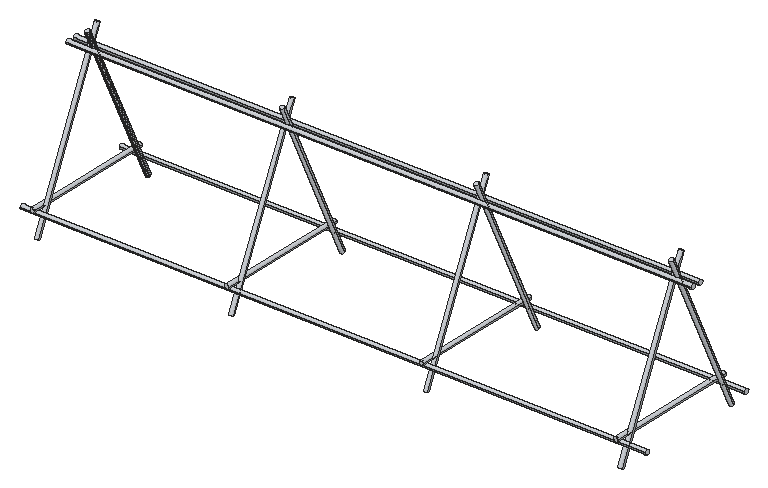
Revit family "IFC_Каркас поддерживающий", category Несущая арматура, Revit 2021
Family settings
  На основе рабочей плоскости = Да
  Всегда вертикально = Нет
  При загрузке вырезать с полостями = Нет
  Общий = Да
Parameters
  Продольный стержень_Низ_Отступ = 50 mm
  Продольный стержень_Материал = none
  Продольный стержень_Диаметр = 10 mm
  Продольный стержень_Удлинение = 50 mm
  Продольный стержень_Код металлопроката = 500
  Количество верхних стержней = 2
  Продольный стержень_Верх1_Смещение = (Наклонный стержень_Диаметр + Продольный стержень_Диаметр) / 2 / sin(Наклонный стержень_Угол) - Продольный стержень_Диаметр / 2  # 18.662 mm
  Продольный стержень_Смещение = (Наклонный стержень_Диаметр + Продольный стержень_Диаметр) / 2  # 10 mm
  Срединный продольный стержень = no
  Поперечный стержень_Удлинение = 0 mm
  Поперечный стержень_Смещение = (Продольный стержень_Диаметр + Поперечный стержень_Диаметр) / 2  # 10 mm
  Поперечный стержень_Материал = none
  Поперечный стержень_Код металлопроката = 500
  Поперечный стержень_Длина = (Наклонный стержень_Пересечение * tan(Наклонный стержень_Угол) + Поперечный стержень_Удлинение) * 2  # 321.752 mm
  Поперечный стержень_Диаметр = 10 mm
  Default Elevation = 1219.2 mm
  Наклонный стержень_Количество [instance] = Массив_Количество * ADSK_Количество  # 4
  Комментарии к типоразмеру = "Каркас"  # constant formula
  Каркас_Длина = 1500 mm
  Каркас_Высота фиксации = 350 mm
  Изображение типоразмера = <Нет>
  Продолный стержень_Верх2 = if(Количество верхних стержней > 1, 1 = 1, 1 = 0)  # yes
  Продолный стержень_Верх1 = if(Количество верхних стержней < 2, 1 = 1, 1 = 0)  # no
  Наклонный стержень_Угол = 25.00°
  Наклонный стержень_Смещение = Наклонный стержень_Диаметр / 2 * tan(Наклонный стержень_Угол)  # 2.332 mm
  Наклонный стержень_Материал = none
  Наклонный стержень_Код металлопроката = 500
  Наклонный стержень_Диаметр = 10 mm
  Наклонный стержень_Пересечение = if(Продолный стержень_Верх2, Каркас_Высота фиксации - Продольный стержень_Диаметр / 2, Каркас_Высота фиксации + Продольный стержень_Верх1_Смещение)  # 345 mm
  Каркас_Шаг стержней = 500 mm
  Наклонный стержень_Длина = Наклонный стержень_Пересечение / cos(Наклонный стержень_Угол) - Наклонный стержень_Смещение + Наклонный стержень_Удлинение  # 428.334 mm
  Наклонный стержень_Удлинение = 50 mm
  ADSK_Размер в погонных метрах = 1 = 2  # no
  ADSK_Пространственный каркас [instance] = no
  ADSK_Примечание = ""
  ADSK_Обозначение = ""
  ADSK_Наименование_Текст1 = "Каркас"  # constant formula
  ADSK_Наименование = ""
  ADSK_Метка основы [instance] = ""
  ADSK_Марка конструкции [instance] = ""
  ADSK_Марка изделия [instance] = ""
  ADSK_Количество основы [instance] = 1
  ADSK_Количество [instance] = 1  # constant formula
  ADSK_Категория основы [instance] = ""
  ADSK_Каркас = 1 = 1  # yes
  ADSK_Закладная деталь = 1 = 2  # no
  ADSK_Главная деталь конструкции [instance] = no
  ADSK_Главная деталь изделия = 1 = 2  # no
  ADSK_Версия семейства = "24.0221"  # constant formula
  ADSK_Версия Revit = "2021"  # constant formula
  ADSK_Арматура семейством = 1 = 1  # yes
  Массив_Количество = (Каркас_Длина - 2 * Продольный стержень_Удлинение) / Каркас_Шаг стержней + 1  # 4
  --- Продольный стержень --- = "--- Продольный стержень ---"  # constant formula
  --- Поперечный стержень --- = "--- Поперечный стержень ---"  # constant formula
  --- Наклонный стержень --- = "--- Наклонный стержень ---"  # constant formula
Reference planes
  plane 1: y = 0
  plane 2: z = 0
  plane 3 "Вертикальная": x = 0
  plane 4 "2": x = -700
  plane 5 "3": x = -750
  plane 6 "4": x = 700
  plane 7 "5": x = 750
  plane 8: z = 50
  plane 9: z = 326.338
  plane 10: z = 345
  plane 11 "9": x = -705
  plane 12 "10": x = -695
  plane 13 "11": x = -715
  plane 14: y = -160.876
  plane 15: z = 60
  plane 16: y = 160.876
  plane 17 "12": x = 695
  plane 18 "13": x = 685
  plane 19 "14": x = 705
Lines and regions (mm)
  reference lines
    curve 1: line (0, 0, 345) -> (0, 160.876, 0)
    curve 2: line (0, 148.595, 50) -> (0, 11.034, 345)
    curve 3: line (0, 0, 345) -> (0, -160.876, 0)
    curve 4: line (0, -11.034, 345) -> (0, -148.595, 50)
    curve 5: line (0, 79.814, 197.5) -> (0, -79.814, 197.5)
Dimensions and locks
  equal spacing: plane 5 "3", plane 3 "Вертикальная", plane 7 "5"
  "Каркас_Длина": plane 5 "3" to plane 7 "5"
  "Продольный стержень_Удлинение": plane 5 "3" to plane 4 "2"
  "Продольный стержень_Удлинение": plane 6 "4" to plane 7 "5"
  "Продольный стержень_Низ_Отступ": plane 8 to plane 2
  "Наклонный стержень_Пересечение": plane 10 to plane 2
  "Продольный стержень_Смещение": curve 2 to curve 1
  "Продольный стержень_Смещение": curve 3 to curve 4
  equal spacing: plane 10, curve 5, plane 8
  "Продольный стержень_Верх1_Смещение": plane 10 to plane 9
  equal spacing: plane 11 "9", plane 4 "2", plane 12 "10"
  "Наклонный стержень_Диаметр": plane 11 "9" to plane 12 "10"
  "Поперечный стержень_Смещение": plane 13 "11" to plane 11 "9"
  "Поперечный стержень_Смещение": plane 15 to plane 8
  equal spacing: plane 16, plane 1, plane 14
  "Поперечный стержень_Длина": plane 16 to plane 14
  equal spacing: group 1, group 5, group 6, group 2  (x3)
  equal spacing: group 3, group 7, group 8, group 4  (x3)
  equal spacing: plane 17 "12", plane 6 "4", plane 19 "14"
  "Наклонный стержень_Диаметр": plane 17 "12" to plane 19 "14"
  "Поперечный стержень_Смещение": plane 18 "13" to plane 17 "12"
  "Наклонный стержень_Угол": angle curve 1 to plane 1
  "Наклонный стержень_Угол": angle plane 1 to curve 3
  aligned and locked: nested 2 to plane 9
  aligned and locked: plane 1 to nested 2
  aligned and locked: plane 1 to curve 1
  aligned and locked: nested 4 to curve 1
  aligned and locked: plane 2 to curve 1
  aligned and locked: nested 5 to curve 2
  aligned and locked: plane 10 to curve 2
  aligned and locked: nested 1 to curve 2
  aligned and locked: curve 3 to plane 3 "Вертикальная"
  aligned and locked: plane 10 to curve 3
  aligned and locked: plane 2 to curve 3
  aligned and locked: plane 8 to curve 4
  aligned and locked: plane 10 to curve 4
  aligned and locked: nested 3 to curve 4
  aligned and locked: plane 8 to nested 6
  aligned and locked: nested 6 to curve 4
  aligned and locked: curve 3 to nested 7
  aligned and locked: nested 8 to curve 5  (x2)
  aligned and locked: nested 9 to curve 5  (x2)
  aligned and locked: plane 10 to nested 1
  aligned and locked: plane 10 to nested 3
  aligned and locked: plane 11 "9" to nested 7
  aligned and locked: nested 4 to plane 12 "10"
  aligned and locked: plane 13 "11" to nested 10
  aligned and locked: plane 1 to nested 11
  aligned and locked: plane 4 "2" to nested 11
  aligned and locked: nested 12 to plane 6 "4"
  aligned and locked: nested 13 to plane 18 "13"
  aligned and locked: plane 8 to nested 5
  aligned and locked: plane 14 to nested 10
  aligned and locked: plane 14 to nested 13
  aligned and locked: plane 15 to nested 10
  aligned and locked: plane 15 to nested 13
Automatic sketch dimensions
  curve 2 to plane 8 = 0 mm
Nested families
  nested 1: "IFC_01" at (-750, 73.234, 361.832) x (0, -1, 0) z (1, 0, 0), ADSK_Диаметр арматуры <- "Продольный стержень_Диаметр", ADSK_Марка изделия <- "ADSK_Марка изделия", ADSK_Метка основы <- "ADSK_Метка основы", ADSK_Категория основы <- "ADSK_Категория основы", ADSK_Количество основы <- "ADSK_Количество основы", ADSK_Код металлопроката <- "Продольный стержень_Код металлопроката", ADSK_Марка конструкции <- "ADSK_Марка конструкции", ADSK_Материал <- "Продольный стержень_Материал", visible <- "Продолный стержень_Верх2", ADSK_Количество <- "ADSK_Количество", ADSK_A <- "Каркас_Длина", ADSK_Пространственный каркас <- "ADSK_Пространственный каркас", ADSK_Примечание <- "ADSK_Примечание", type "к_IFC_01"
    with ADSK_Форма отгибами no, ADSK_Форма арматуры 1, ADSK_Пространственный каркас no, ADSK_Примечание "", ADSK_Обозначение "СТБ 1704-2012", ADSK_Наименование "10 S500", ADSK_Метка основы "", ADSK_Материал none, ADSK_Масса на единицу длины 0.617 kg/m, ADSK_Марка конструкции "", ADSK_Марка изделия "", ADSK_Количество основы 1, ADSK_Количество 1, ADSK_Код металлопроката 500, ADSK_Категория основы "", ADSK_Длина арматуры по детали 1500 mm, ADSK_Длина арматуры 1500 mm, ADSK_Диаметр оправки арматуры 50 mm, ADSK_Диаметр арматуры 10 mm, ADSK_Деталь_Префикс " ", ADSK_Группирование "S500", ADSK_Главная деталь конструкции no, ADSK_Главная деталь изделия no, ADSK_α_Angle 0.00°, ADSK_A 1500 mm, #Проволока_Код металлопроката "#", #Арматура_Код металлопроката "#"
  nested 2: "IFC_01" at (-750, 62.2, 338.17) x (0, -1, 0) z (1, 0, 0), ADSK_Диаметр арматуры <- "Продольный стержень_Диаметр", ADSK_Марка изделия <- "ADSK_Марка изделия", ADSK_Метка основы <- "ADSK_Метка основы", ADSK_Категория основы <- "ADSK_Категория основы", ADSK_Количество основы <- "ADSK_Количество основы", ADSK_Код металлопроката <- "Продольный стержень_Код металлопроката", ADSK_Марка конструкции <- "ADSK_Марка конструкции", ADSK_Материал <- "Продольный стержень_Материал", visible <- "Продолный стержень_Верх1", ADSK_Количество <- "ADSK_Количество", ADSK_A <- "Каркас_Длина", ADSK_Пространственный каркас <- "ADSK_Пространственный каркас", ADSK_Примечание <- "ADSK_Примечание", type "к_IFC_01"
    with ADSK_Форма отгибами no, ADSK_Форма арматуры 1, ADSK_Пространственный каркас no, ADSK_Примечание "", ADSK_Обозначение "СТБ 1704-2012", ADSK_Наименование "10 S500", ADSK_Метка основы "", ADSK_Материал none, ADSK_Масса на единицу длины 0.617 kg/m, ADSK_Марка конструкции "", ADSK_Марка изделия "", ADSK_Количество основы 1, ADSK_Количество 1, ADSK_Код металлопроката 500, ADSK_Категория основы "", ADSK_Длина арматуры по детали 1500 mm, ADSK_Длина арматуры 1500 mm, ADSK_Диаметр оправки арматуры 50 mm, ADSK_Диаметр арматуры 10 mm, ADSK_Деталь_Префикс " ", ADSK_Группирование "S500", ADSK_Главная деталь конструкции no, ADSK_Главная деталь изделия no, ADSK_α_Angle 0.00°, ADSK_A 1500 mm, #Проволока_Код металлопроката "#", #Арматура_Код металлопроката "#"
  nested 3: "IFC_01" at (-750, 51.166, 361.832) x (0, -1, 0) z (1, 0, 0), ADSK_Диаметр арматуры <- "Продольный стержень_Диаметр", ADSK_Марка изделия <- "ADSK_Марка изделия", ADSK_Метка основы <- "ADSK_Метка основы", ADSK_Категория основы <- "ADSK_Категория основы", ADSK_Количество основы <- "ADSK_Количество основы", ADSK_Код металлопроката <- "Продольный стержень_Код металлопроката", ADSK_Марка конструкции <- "ADSK_Марка конструкции", ADSK_Материал <- "Продольный стержень_Материал", visible <- "Продолный стержень_Верх2", ADSK_Количество <- "ADSK_Количество", ADSK_A <- "Каркас_Длина", ADSK_Пространственный каркас <- "ADSK_Пространственный каркас", ADSK_Примечание <- "ADSK_Примечание", type "к_IFC_01"
    with ADSK_Форма отгибами no, ADSK_Форма арматуры 1, ADSK_Пространственный каркас no, ADSK_Примечание "", ADSK_Обозначение "СТБ 1704-2012", ADSK_Наименование "10 S500", ADSK_Метка основы "", ADSK_Материал none, ADSK_Масса на единицу длины 0.617 kg/m, ADSK_Марка конструкции "", ADSK_Марка изделия "", ADSK_Количество основы 1, ADSK_Количество 1, ADSK_Код металлопроката 500, ADSK_Категория основы "", ADSK_Длина арматуры по детали 1500 mm, ADSK_Длина арматуры 1500 mm, ADSK_Диаметр оправки арматуры 50 mm, ADSK_Диаметр арматуры 10 mm, ADSK_Деталь_Префикс " ", ADSK_Группирование "S500", ADSK_Главная деталь конструкции no, ADSK_Главная деталь изделия no, ADSK_α_Angle 0.00°, ADSK_A 1500 mm, #Проволока_Код металлопроката "#", #Арматура_Код металлопроката "#"
  nested 4: "IFC_01" at (-711.832, 216.263, 28.4) x (0, -0.9063, -0.4226) z (0, -0.4226, 0.9063), built-in parameter 1001364 <- "Наклонный стержень_Смещение", ADSK_Код металлопроката <- "Наклонный стержень_Код металлопроката", ADSK_Количество основы <- "ADSK_Количество основы", ADSK_Материал <- "Наклонный стержень_Материал", ADSK_Диаметр арматуры <- "Наклонный стержень_Диаметр", ADSK_Категория основы <- "ADSK_Категория основы", ADSK_Метка основы <- "ADSK_Метка основы", ADSK_Марка изделия <- "ADSK_Марка изделия", ADSK_Марка конструкции <- "ADSK_Марка конструкции", ADSK_A <- "Наклонный стержень_Длина", ADSK_Количество <- "Наклонный стержень_Количество", ADSK_Пространственный каркас <- "ADSK_Пространственный каркас", ADSK_Примечание <- "ADSK_Примечание", type "к_IFC_01"
    with ADSK_Форма отгибами no, ADSK_Форма арматуры 1, ADSK_Пространственный каркас no, ADSK_Примечание "", ADSK_Обозначение "СТБ 1704-2012", ADSK_Наименование "10 S500", ADSK_Метка основы "", ADSK_Материал none, ADSK_Масса на единицу длины 0.617 kg/m, ADSK_Марка конструкции "", ADSK_Марка изделия "", ADSK_Количество основы 1, ADSK_Количество 4, ADSK_Код металлопроката 500, ADSK_Категория основы "", ADSK_Длина арматуры по детали 430 mm, ADSK_Длина арматуры 430 mm, ADSK_Диаметр оправки арматуры 50 mm, ADSK_Диаметр арматуры 10 mm, ADSK_Деталь_Префикс " ", ADSK_Группирование "S500", ADSK_Главная деталь конструкции no, ADSK_Главная деталь изделия no, ADSK_α_Angle 0.00°, ADSK_A 428.334 mm, #Проволока_Код металлопроката "#", #Арматура_Код металлопроката "#"
  nested 5: "IFC_01" at (-750, 210.794, 66.832) x (0, -1, 0) z (1, 0, 0), ADSK_Диаметр арматуры <- "Продольный стержень_Диаметр", ADSK_Марка изделия <- "ADSK_Марка изделия", ADSK_Метка основы <- "ADSK_Метка основы", ADSK_Категория основы <- "ADSK_Категория основы", ADSK_Количество основы <- "ADSK_Количество основы", ADSK_Код металлопроката <- "Продольный стержень_Код металлопроката", ADSK_Марка конструкции <- "ADSK_Марка конструкции", ADSK_Материал <- "Продольный стержень_Материал", ADSK_Количество <- "ADSK_Количество", ADSK_A <- "Каркас_Длина", ADSK_Пространственный каркас <- "ADSK_Пространственный каркас", ADSK_Примечание <- "ADSK_Примечание", type "к_IFC_01"
    with ADSK_Форма отгибами no, ADSK_Форма арматуры 1, ADSK_Пространственный каркас no, ADSK_Примечание "", ADSK_Обозначение "СТБ 1704-2012", ADSK_Наименование "10 S500", ADSK_Метка основы "", ADSK_Материал none, ADSK_Масса на единицу длины 0.617 kg/m, ADSK_Марка конструкции "", ADSK_Марка изделия "", ADSK_Количество основы 1, ADSK_Количество 1, ADSK_Код металлопроката 500, ADSK_Категория основы "", ADSK_Длина арматуры по детали 1500 mm, ADSK_Длина арматуры 1500 mm, ADSK_Диаметр оправки арматуры 50 mm, ADSK_Диаметр арматуры 10 mm, ADSK_Деталь_Префикс " ", ADSK_Группирование "S500", ADSK_Главная деталь конструкции no, ADSK_Главная деталь изделия yes, ADSK_α_Angle 0.00°, ADSK_A 1500 mm, #Проволока_Код металлопроката "#", #Арматура_Код металлопроката "#"
  nested 6: "IFC_01" at (-750, -86.395, 66.832) x (0, -1, 0) z (1, 0, 0), ADSK_Диаметр арматуры <- "Продольный стержень_Диаметр", ADSK_Марка изделия <- "ADSK_Марка изделия", ADSK_Метка основы <- "ADSK_Метка основы", ADSK_Категория основы <- "ADSK_Категория основы", ADSK_Количество основы <- "ADSK_Количество основы", ADSK_Код металлопроката <- "Продольный стержень_Код металлопроката", ADSK_Марка конструкции <- "ADSK_Марка конструкции", ADSK_Материал <- "Продольный стержень_Материал", ADSK_Количество <- "ADSK_Количество", ADSK_A <- "Каркас_Длина", ADSK_Пространственный каркас <- "ADSK_Пространственный каркас", ADSK_Примечание <- "ADSK_Примечание", type "к_IFC_01"
    with ADSK_Форма отгибами no, ADSK_Форма арматуры 1, ADSK_Пространственный каркас no, ADSK_Примечание "", ADSK_Обозначение "СТБ 1704-2012", ADSK_Наименование "10 S500", ADSK_Метка основы "", ADSK_Материал none, ADSK_Масса на единицу длины 0.617 kg/m, ADSK_Марка конструкции "", ADSK_Марка изделия "", ADSK_Количество основы 1, ADSK_Количество 1, ADSK_Код металлопроката 500, ADSK_Категория основы "", ADSK_Длина арматуры по детали 1500 mm, ADSK_Длина арматуры 1500 mm, ADSK_Диаметр оправки арматуры 50 mm, ADSK_Диаметр арматуры 10 mm, ADSK_Деталь_Префикс " ", ADSK_Группирование "S500", ADSK_Главная деталь конструкции no, ADSK_Главная деталь изделия no, ADSK_α_Angle 0.00°, ADSK_A 1500 mm, #Проволока_Код металлопроката "#", #Арматура_Код металлопроката "#"
  nested 7: "IFC_01" at (-767.2, -175.146, 9.227) x (1, 0, 0) z (0, 0.4226, 0.9063), built-in parameter 1001364 <- "Наклонный стержень_Смещение", ADSK_Марка конструкции <- "ADSK_Марка конструкции", ADSK_Марка изделия <- "ADSK_Марка изделия", ADSK_Метка основы <- "ADSK_Метка основы", ADSK_Категория основы <- "ADSK_Категория основы", ADSK_A <- "Наклонный стержень_Длина", ADSK_Диаметр арматуры <- "Наклонный стержень_Диаметр", ADSK_Материал <- "Наклонный стержень_Материал", ADSK_Количество основы <- "ADSK_Количество основы", ADSK_Код металлопроката <- "Наклонный стержень_Код металлопроката", ADSK_Количество <- "Наклонный стержень_Количество", ADSK_Пространственный каркас <- "ADSK_Пространственный каркас", ADSK_Примечание <- "ADSK_Примечание", type "к_IFC_01"
    with ADSK_Форма отгибами no, ADSK_Форма арматуры 1, ADSK_Пространственный каркас no, ADSK_Примечание "", ADSK_Обозначение "СТБ 1704-2012", ADSK_Наименование "10 S500", ADSK_Метка основы "", ADSK_Материал none, ADSK_Масса на единицу длины 0.617 kg/m, ADSK_Марка конструкции "", ADSK_Марка изделия "", ADSK_Количество основы 1, ADSK_Количество 4, ADSK_Код металлопроката 500, ADSK_Категория основы "", ADSK_Длина арматуры по детали 430 mm, ADSK_Длина арматуры 430 mm, ADSK_Диаметр оправки арматуры 50 mm, ADSK_Диаметр арматуры 10 mm, ADSK_Деталь_Префикс " ", ADSK_Группирование "S500", ADSK_Главная деталь конструкции no, ADSK_Главная деталь изделия no, ADSK_α_Angle 0.00°, ADSK_A 428.334 mm, #Проволока_Код металлопроката "#", #Арматура_Код металлопроката "#"
  nested 8: "IFC_01" at (-750, 142.014, 214.332) x (0, -1, 0) z (1, 0, 0), ADSK_Диаметр арматуры <- "Продольный стержень_Диаметр", ADSK_Марка изделия <- "ADSK_Марка изделия", ADSK_Метка основы <- "ADSK_Метка основы", ADSK_Категория основы <- "ADSK_Категория основы", ADSK_Количество основы <- "ADSK_Количество основы", ADSK_Код металлопроката <- "Продольный стержень_Код металлопроката", ADSK_Марка конструкции <- "ADSK_Марка конструкции", ADSK_Материал <- "Продольный стержень_Материал", visible <- "Срединный продольный стержень", ADSK_A <- "Каркас_Длина", ADSK_Пространственный каркас <- "ADSK_Пространственный каркас", ADSK_Примечание <- "ADSK_Примечание", type "к_IFC_01"
    with ADSK_Форма отгибами no, ADSK_Форма арматуры 1, ADSK_Пространственный каркас no, ADSK_Примечание "", ADSK_Обозначение "СТБ 1704-2012", ADSK_Наименование "10 S500", ADSK_Метка основы "", ADSK_Материал none, ADSK_Масса на единицу длины 0.617 kg/m, ADSK_Марка конструкции "", ADSK_Марка изделия "", ADSK_Количество основы 1, ADSK_Количество 1, ADSK_Код металлопроката 500, ADSK_Категория основы "", ADSK_Длина арматуры по детали 1500 mm, ADSK_Длина арматуры 1500 mm, ADSK_Диаметр оправки арматуры 50 mm, ADSK_Диаметр арматуры 10 mm, ADSK_Деталь_Префикс " ", ADSK_Группирование "S500", ADSK_Главная деталь конструкции no, ADSK_Главная деталь изделия no, ADSK_α_Angle 0.00°, ADSK_A 1500 mm, #Проволока_Код металлопроката "#", #Арматура_Код металлопроката "#"
  nested 9: "IFC_01" at (-750, -17.614, 214.332) x (0, -1, 0) z (1, 0, 0), ADSK_Диаметр арматуры <- "Продольный стержень_Диаметр", ADSK_Марка изделия <- "ADSK_Марка изделия", ADSK_Метка основы <- "ADSK_Метка основы", ADSK_Категория основы <- "ADSK_Категория основы", ADSK_Количество основы <- "ADSK_Количество основы", ADSK_Код металлопроката <- "Продольный стержень_Код металлопроката", ADSK_Марка конструкции <- "ADSK_Марка конструкции", ADSK_Материал <- "Продольный стержень_Материал", visible <- "Срединный продольный стержень", ADSK_A <- "Каркас_Длина", ADSK_Пространственный каркас <- "ADSK_Пространственный каркас", ADSK_Примечание <- "ADSK_Примечание", type "к_IFC_01"
    with ADSK_Форма отгибами no, ADSK_Форма арматуры 1, ADSK_Пространственный каркас no, ADSK_Примечание "", ADSK_Обозначение "СТБ 1704-2012", ADSK_Наименование "10 S500", ADSK_Метка основы "", ADSK_Материал none, ADSK_Масса на единицу длины 0.617 kg/m, ADSK_Марка конструкции "", ADSK_Марка изделия "", ADSK_Количество основы 1, ADSK_Количество 1, ADSK_Код металлопроката 500, ADSK_Категория основы "", ADSK_Длина арматуры по детали 1500 mm, ADSK_Длина арматуры 1500 mm, ADSK_Диаметр оправки арматуры 50 mm, ADSK_Диаметр арматуры 10 mm, ADSK_Деталь_Префикс " ", ADSK_Группирование "S500", ADSK_Главная деталь конструкции no, ADSK_Главная деталь изделия no, ADSK_α_Angle 0.00°, ADSK_A 1500 mm, #Проволока_Код металлопроката "#", #Арматура_Код металлопроката "#"
  nested 10: "IFC_01" at (-777.2, -160.876, 76.832) x (1, 0, 0) z (0, 1, 0), ADSK_A <- "Поперечный стержень_Длина", ADSK_Код металлопроката <- "Поперечный стержень_Код металлопроката", ADSK_Количество основы <- "ADSK_Количество основы", ADSK_Материал <- "Поперечный стержень_Материал", ADSK_Диаметр арматуры <- "Поперечный стержень_Диаметр", ADSK_Категория основы <- "ADSK_Категория основы", ADSK_Метка основы <- "ADSK_Метка основы", ADSK_Марка изделия <- "ADSK_Марка изделия", ADSK_Марка конструкции <- "ADSK_Марка конструкции", ADSK_Количество <- "ADSK_Количество", ADSK_Пространственный каркас <- "ADSK_Пространственный каркас", ADSK_Примечание <- "ADSK_Примечание", type "к_IFC_01"
    with ADSK_Форма отгибами no, ADSK_Форма арматуры 1, ADSK_Пространственный каркас no, ADSK_Примечание "", ADSK_Обозначение "СТБ 1704-2012", ADSK_Наименование "10 S500", ADSK_Метка основы "", ADSK_Материал none, ADSK_Масса на единицу длины 0.617 kg/m, ADSK_Марка конструкции "", ADSK_Марка изделия "", ADSK_Количество основы 1, ADSK_Количество 1, ADSK_Код металлопроката 500, ADSK_Категория основы "", ADSK_Длина арматуры по детали 320 mm, ADSK_Длина арматуры 320 mm, ADSK_Диаметр оправки арматуры 50 mm, ADSK_Диаметр арматуры 10 mm, ADSK_Деталь_Префикс " ", ADSK_Группирование "S500", ADSK_Главная деталь конструкции no, ADSK_Главная деталь изделия no, ADSK_α_Angle 0.00°, ADSK_A 321.752 mm, #Проволока_Код металлопроката "#", #Арматура_Код металлопроката "#"
  nested 11: "BGP_Каркаc_Компонент" at (-700, 0, 345) x (-1, 0, 0) z (0, 0, 1), built-in parameter 1001364 <- "Наклонный стержень_Пересечение", Наклонный стержень_Диаметр <- "Наклонный стержень_Диаметр", Наклонный стержень_Удлинение <- "Наклонный стержень_Удлинение", Наклонный стержень_Материал <- "Наклонный стержень_Материал", Наклонный стержень_Длина <- "Наклонный стержень_Длина", Наклонный стержень_Угол <- "Наклонный стержень_Угол", type "BGP_Каркаc_Компонент"
    with Наклонный стержень_Удлинение 50 mm, Наклонный стержень_Угол 25.00°, Наклонный стержень_Материал none, Наклонный стержень_Длина_Расч -428.334 mm, Наклонный стержень_Длина 428.334 mm, Наклонный стержень_Диаметр 10 mm
  nested 12: "BGP_Каркаc_Компонент" at (700, 0, 345) x (-1, 0, 0) z (0, 0, 1), built-in parameter 1001364 <- "Наклонный стержень_Пересечение", Наклонный стержень_Диаметр <- "Наклонный стержень_Диаметр", Наклонный стержень_Удлинение <- "Наклонный стержень_Удлинение", Наклонный стержень_Материал <- "Наклонный стержень_Материал", Наклонный стержень_Длина <- "Наклонный стержень_Длина", Наклонный стержень_Угол <- "Наклонный стержень_Угол", type "BGP_Каркаc_Компонент"
    with Наклонный стержень_Удлинение 50 mm, Наклонный стержень_Угол 25.00°, Наклонный стержень_Материал none, Наклонный стержень_Длина_Расч -428.334 mm, Наклонный стержень_Длина 428.334 mm, Наклонный стержень_Диаметр 10 mm
  nested 13: "IFC_01" at (622.8, -160.876, 76.832) x (1, 0, 0) z (0, 1, 0), ADSK_A <- "Поперечный стержень_Длина", ADSK_Код металлопроката <- "Поперечный стержень_Код металлопроката", ADSK_Количество основы <- "ADSK_Количество основы", ADSK_Материал <- "Поперечный стержень_Материал", ADSK_Диаметр арматуры <- "Поперечный стержень_Диаметр", ADSK_Категория основы <- "ADSK_Категория основы", ADSK_Метка основы <- "ADSK_Метка основы", ADSK_Марка изделия <- "ADSK_Марка изделия", ADSK_Марка конструкции <- "ADSK_Марка конструкции", ADSK_Количество <- "ADSK_Количество", ADSK_Пространственный каркас <- "ADSK_Пространственный каркас", ADSK_Примечание <- "ADSK_Примечание", type "к_IFC_01"
    with ADSK_Форма отгибами no, ADSK_Форма арматуры 1, ADSK_Пространственный каркас no, ADSK_Примечание "", ADSK_Обозначение "СТБ 1704-2012", ADSK_Наименование "10 S500", ADSK_Метка основы "", ADSK_Материал none, ADSK_Масса на единицу длины 0.617 kg/m, ADSK_Марка конструкции "", ADSK_Марка изделия "", ADSK_Количество основы 1, ADSK_Количество 1, ADSK_Код металлопроката 500, ADSK_Категория основы "", ADSK_Длина арматуры по детали 320 mm, ADSK_Длина арматуры 320 mm, ADSK_Диаметр оправки арматуры 50 mm, ADSK_Диаметр арматуры 10 mm, ADSK_Деталь_Префикс " ", ADSK_Группирование "S500", ADSK_Главная деталь конструкции no, ADSK_Главная деталь изделия no, ADSK_α_Angle 0.00°, ADSK_A 321.752 mm, #Проволока_Код металлопроката "#", #Арматура_Код металлопроката "#"
  nested 14: "BGP_Каркаc_Компонент" at (-233.333, 0, 345) x (-1, 0, 0) z (0, 0, 1), built-in parameter 1001364 <- "Наклонный стержень_Пересечение", Наклонный стержень_Диаметр <- "Наклонный стержень_Диаметр", Наклонный стержень_Удлинение <- "Наклонный стержень_Удлинение", Наклонный стержень_Материал <- "Наклонный стержень_Материал", Наклонный стержень_Длина <- "Наклонный стержень_Длина", Наклонный стержень_Угол <- "Наклонный стержень_Угол", type "BGP_Каркаc_Компонент"
    with Наклонный стержень_Удлинение 50 mm, Наклонный стержень_Угол 25.00°, Наклонный стержень_Материал none, Наклонный стержень_Длина_Расч -428.334 mm, Наклонный стержень_Длина 428.334 mm, Наклонный стержень_Диаметр 10 mm
  nested 15: "BGP_Каркаc_Компонент" at (233.333, 0, 345) x (-1, 0, 0) z (0, 0, 1), built-in parameter 1001364 <- "Наклонный стержень_Пересечение", Наклонный стержень_Диаметр <- "Наклонный стержень_Диаметр", Наклонный стержень_Удлинение <- "Наклонный стержень_Удлинение", Наклонный стержень_Материал <- "Наклонный стержень_Материал", Наклонный стержень_Длина <- "Наклонный стержень_Длина", Наклонный стержень_Угол <- "Наклонный стержень_Угол", type "BGP_Каркаc_Компонент"
    with Наклонный стержень_Удлинение 50 mm, Наклонный стержень_Угол 25.00°, Наклонный стержень_Материал none, Наклонный стержень_Длина_Расч -428.334 mm, Наклонный стержень_Длина 428.334 mm, Наклонный стержень_Диаметр 10 mm
  nested 16: "IFC_01" at (-310.533, -160.876, 76.832) x (1, 0, 0) z (0, 1, 0), ADSK_A <- "Поперечный стержень_Длина", ADSK_Код металлопроката <- "Поперечный стержень_Код металлопроката", ADSK_Количество основы <- "ADSK_Количество основы", ADSK_Материал <- "Поперечный стержень_Материал", ADSK_Диаметр арматуры <- "Поперечный стержень_Диаметр", ADSK_Категория основы <- "ADSK_Категория основы", ADSK_Метка основы <- "ADSK_Метка основы", ADSK_Марка изделия <- "ADSK_Марка изделия", ADSK_Марка конструкции <- "ADSK_Марка конструкции", ADSK_Количество <- "ADSK_Количество", ADSK_Пространственный каркас <- "ADSK_Пространственный каркас", ADSK_Примечание <- "ADSK_Примечание", type "к_IFC_01"
    with ADSK_Форма отгибами no, ADSK_Форма арматуры 1, ADSK_Пространственный каркас no, ADSK_Примечание "", ADSK_Обозначение "СТБ 1704-2012", ADSK_Наименование "10 S500", ADSK_Метка основы "", ADSK_Материал none, ADSK_Масса на единицу длины 0.617 kg/m, ADSK_Марка конструкции "", ADSK_Марка изделия "", ADSK_Количество основы 1, ADSK_Количество 1, ADSK_Код металлопроката 500, ADSK_Категория основы "", ADSK_Длина арматуры по детали 320 mm, ADSK_Длина арматуры 320 mm, ADSK_Диаметр оправки арматуры 50 mm, ADSK_Диаметр арматуры 10 mm, ADSK_Деталь_Префикс " ", ADSK_Группирование "S500", ADSK_Главная деталь конструкции no, ADSK_Главная деталь изделия no, ADSK_α_Angle 0.00°, ADSK_A 321.752 mm, #Проволока_Код металлопроката "#", #Арматура_Код металлопроката "#"
  nested 17: "IFC_01" at (156.133, -160.876, 76.832) x (1, 0, 0) z (0, 1, 0), ADSK_A <- "Поперечный стержень_Длина", ADSK_Код металлопроката <- "Поперечный стержень_Код металлопроката", ADSK_Количество основы <- "ADSK_Количество основы", ADSK_Материал <- "Поперечный стержень_Материал", ADSK_Диаметр арматуры <- "Поперечный стержень_Диаметр", ADSK_Категория основы <- "ADSK_Категория основы", ADSK_Метка основы <- "ADSK_Метка основы", ADSK_Марка изделия <- "ADSK_Марка изделия", ADSK_Марка конструкции <- "ADSK_Марка конструкции", ADSK_Количество <- "ADSK_Количество", ADSK_Пространственный каркас <- "ADSK_Пространственный каркас", ADSK_Примечание <- "ADSK_Примечание", type "к_IFC_01"
    with ADSK_Форма отгибами no, ADSK_Форма арматуры 1, ADSK_Пространственный каркас no, ADSK_Примечание "", ADSK_Обозначение "СТБ 1704-2012", ADSK_Наименование "10 S500", ADSK_Метка основы "", ADSK_Материал none, ADSK_Масса на единицу длины 0.617 kg/m, ADSK_Марка конструкции "", ADSK_Марка изделия "", ADSK_Количество основы 1, ADSK_Количество 1, ADSK_Код металлопроката 500, ADSK_Категория основы "", ADSK_Длина арматуры по детали 320 mm, ADSK_Длина арматуры 320 mm, ADSK_Диаметр оправки арматуры 50 mm, ADSK_Диаметр арматуры 10 mm, ADSK_Деталь_Префикс " ", ADSK_Группирование "S500", ADSK_Главная деталь конструкции no, ADSK_Главная деталь изделия no, ADSK_α_Angle 0.00°, ADSK_A 321.752 mm, #Проволока_Код металлопроката "#", #Арматура_Код металлопроката "#"
Definition of nested family "IFC_01"
  Parameters (values of type "IFC_01")
    ADSK_Пространственный каркас [instance] = no
    ADSK_Примечание [instance] = ""
    ADSK_Марка конструкции [instance] = ""
    ADSK_Марка изделия [instance] = ""
    ADSK_Количество основы [instance] = 1
    ADSK_Закладная деталь = no
    ADSK_Группирование [instance] = size_lookup(ТВ, "ADSK_Группирование", "Не верны данные ввода", ADSK_Код металлопроката)  # "S500"
    ADSK_Главная деталь конструкции [instance] = no
    ADSK_Главная деталь изделия [instance] = no
    ADSK_Версия семейства = "24.0221"  # constant formula
    ADSK_Версия Revit = "2021"  # constant formula
    #Проволока_Код металлопроката [instance] = "#"  # constant formula
    ТВ = "Арматурный стержень IFC_BY"  # constant formula
    Default Elevation = 1200 mm
    Type Comments = "Основная"
    ADSK_Форма отгибами [instance] = 1 = 2  # no
    ADSK_Форма арматуры [instance] = 1  # constant formula
    ADSK_Метка основы [instance] = ""
    ADSK_Масса на единицу длины [instance] = size_lookup(ТВ, "ADSK_Масса на единицу длины", 0.00 kg/m, ADSK_Код металлопроката, ADSK_Диаметр арматуры)  # 0.888 kg/m
    ADSK_Категория основы [instance] = ""
    ADSK_Каркас = no
    ADSK_Длина арматуры по детали [instance] = round(ADSK_A / 5 mm) * 5 mm  # 400 mm
    ADSK_Длина арматуры [instance] = round(ADSK_A / 5 mm) * 5 mm  # 400 mm
    ADSK_Деталь_Префикс [instance] = " "  # constant formula
    ADSK_α_Angle [instance] = 0.00°  # constant formula
    ADSK_Диаметр оправки арматуры [instance] = size_lookup(ТВ, "ADSK_Диаметр оправки арматуры", 0 mm, ADSK_Код металлопроката, ADSK_Диаметр арматуры)  # 60 mm
    ADSK_A [instance] = 400 mm
    Type Image = element 75170
    ADSK_Размер в погонных метрах = no
    ADSK_Обозначение [instance] = size_lookup(ТВ, "ADSK_Обозначение", "Не верны данные ввода", ADSK_Код металлопроката, ADSK_Диаметр арматуры)  # "СТБ 1704-2012"
    ADSK_Наименование [instance] = size_lookup(ТВ, "ADSK_Наименование", "Не верны данные ввода", ADSK_Код металлопроката, ADSK_Диаметр арматуры)  # "12 S500"
    ADSK_Материал [instance] = none
    ADSK_Количество [instance] = 1
    ADSK_Код металлопроката [instance] = 500
    ADSK_Диаметр арматуры [instance] = 12 mm
    ADSK_Арматура эскиз = 0
    ADSK_Арматура семейством = 1 = 1  # yes
    #Арматура_Код металлопроката [instance] = "#"  # constant formula
  Types (10, lengths in mm): name | ADSK_Закладная деталь | Default Elevation | Type Comments | ADSK_Каркас | ADSK_Размер в погонных метрах
    IFC_01 | no | 1200 | "Основная" | no | no
    зд_IFC_01 | yes | 1219.2 | "Закладная" | no | no
    IFC_01 м.п. | no | 1219.2 | "Основная" | no | yes
    к_IFC_01 | no | 1219.2 | "Основная_Каркас" | yes | no
    в_IFC_01 | no | 1219.2 | "Основная_Выпуск" | no | no
    дз_IFC_01 | yes | 1219.2 | "Деталь_Закладная" | yes | no
    дз_IFC_01_м.п. | yes | 1219.2 | "Деталь_Закладная" | yes | yes
    зд_IFC_01_м.п. | yes | 1219.2 | "Закладная" | no | yes
    к_IFC_01_м.п. | no | 1219.2 | "Основная_Каркас" | yes | yes
    в_IFC_01_м.п. | no | 1219.2 | "Основная_Выпуск" | no | yes
  Reference planes
    plane 1: y = 16.832
    plane 2: z = 0
    plane 3: x = 62.2
    plane 4: z = 400
    plane 5: y = 22.832
    plane 6: y = 10.832
    plane 7: x = 68.2
    plane 8: x = 56.2
  Forms (mm)
    Extrusion 1, solid, material <- "ADSK_Материал"
      sketch origin (0, 0, 0) x (1, 0, 0) y (0, 1, 0)
        loop
          circle (62.2, 16.832) r 6
      from 0 to 400
  Dimensions and locks
    "ADSK_A": plane 4 to level
    equal spacing: plane 8, plane 3, plane 7
    "ADSK_Диаметр арматуры": plane 8 to plane 7
    equal spacing: plane 5, plane 1, plane 6
    "ADSK_Диаметр арматуры": plane 5 to plane 6
    "ADSK_Диаметр арматуры": diameter of Extrusion 1 sketch curve
    aligned and locked: plane 1 to Extrusion 1 sketch curve
    aligned and locked: plane 3 to Extrusion 1 sketch curve
    aligned and locked: plane 4 to Extrusion 1
Definition of nested family "BGP_Каркаc_Компонент"
  Parameters (values of type "BGP_Карка_Triangle")
    Default Elevation = 0 mm
    Наклонный стержень_Удлинение [instance] = 200 mm
    Наклонный стержень_Угол [instance] = 51.0612°
    Наклонный стержень_Материал [instance] = none
    Наклонный стержень_Длина_Расч [instance] = -Наклонный стержень_Длина  # -500 mm
    Наклонный стержень_Длина [instance] = 500 mm
    Наклонный стержень_Диаметр [instance] = 20 mm
  Reference planes
    plane 1 "По центру (Вперед/Назад)": y = 0
    plane 2: z = 0
    plane 3 "По центру (Влево/Вправо)": x = 0
    plane 4: x = -10
    plane 5: x = 10
  Forms (mm)
    Extrusion 1, solid, material <- "Наклонный стержень_Материал"
      sketch origin (77.812, 155.563, 125.698) x (1, 0, 0) y (0, 0.62849, -0.777817)
        loop
          circle (-67.812, 0) r 10
      from -500 <- "Наклонный стержень_Длина_Расч" to 0
    Extrusion 2, solid, material <- "Наклонный стержень_Материал"
      sketch origin (30, -155.563, 125.698) x (-1, 0, 0) y (0, -0.62849, -0.777817)
        loop
          circle (40, 0) r 10
      from -500 <- "Наклонный стержень_Длина_Расч" to 0
  Lines and regions (mm)
    reference lines
      curve 1: line (10, 0, 0) -> (10, -155.563, 125.698)
      curve 2: line (-10, 0, 0) -> (-10, 155.563, 125.698)
  Dimensions and locks
    "Наклонный стержень_Удлинение": curve 2 to curve 2
    "Наклонный стержень_Удлинение": curve 1 to curve 1
    equal spacing: plane 4, plane 3 "По центру (Влево/Вправо)", plane 5
    "Наклонный стержень_Диаметр": plane 4 to plane 5
    "Наклонный стержень_Диаметр": diameter of Extrusion 2 sketch curve
    "Наклонный стержень_Диаметр": diameter of Extrusion 1 sketch curve
    "Наклонный стержень_Угол": angle plane 1 "По центру (Вперед/Назад)" to curve 2
    "Наклонный стержень_Угол": angle curve 1 to plane 1 "По центру (Вперед/Назад)"
    aligned and locked: level to plane 2
  Automatic sketch dimensions
    Extrusion 1 sketch curve to plane 5 = 0 mm
    Extrusion 2 sketch curve to plane 4 = 0 mm
    curve 2 to level = 0 mm
    curve 2 to plane 1 "По центру (Вперед/Назад)" = 0 mm
    curve 1 to level = 0 mm
    curve 1 to plane 1 "По центру (Вперед/Назад)" = 0 mm
